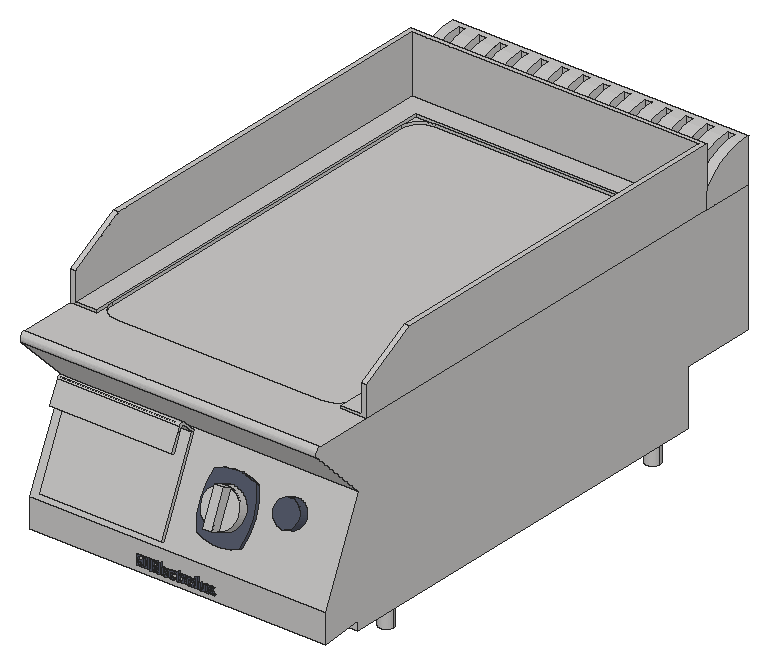
Revit family "QF_ELECTROLUXPROFESSIONAL_371408_E7IIDTAOMCI", category Attrezzature speciali, Revit 2018 (continued)
Automatic sketch dimensions
  Sweep 24 sketch curve to plane 4 "RIGHT" = 35.025 mm
  plane 3 "LEFT" to Sweep 24 sketch curve = 35.025 mm
  Sweep 24 sketch curve to plane 12 = 42.753 mm
  plane 11 to Sweep 24 sketch curve = 47 mm  (x2)
  Sweep 24 sketch curve to plane 10 "TOP A" = 0 mm
  profile plane to Sweep 24 sketch curve = 0 mm
  profile plane to Sweep 24 sketch curve = 28.675 mm
  Sweep 24 sketch curve to Sweep 24 sketch curve = 6.35 mm
  plane 10 "TOP A" to Sweep 24 sketch curve = 3.175 mm
  Extrusion 25 sketch curve to Sweep 24 = 0 mm  (x2)
  Extrusion 25 sketch curve to Extrusion 25 sketch curve = 73.03 mm
  Extrusion 25 sketch curve to Sweep 24 = 40.481 mm
  Sweep 24 to Extrusion 26 sketch curve = 0 mm
  Extrusion 26 sketch curve to Sweep 24 = 0 mm
  Extrusion 26 sketch curve to Extrusion 26 sketch curve = 73.03 mm
  Extrusion 26 sketch curve to Sweep 24 = 40.481 mm
  plane 11 to curve 8 = 21.6 mm
  curve 10 to curve 11 = 25.4 mm
  curve 17 to curve 77 = 0 mm
  curve 76 to curve 77 = 25.4 mm
  curve 15 to curve 15 = 25.4 mm
  plane 7 "Center Y" to Extrusion 27 sketch curve = 17.271 mm
  Extrusion 27 sketch curve to Extrusion 27 sketch curve = 0 mm
  Extrusion 27 sketch curve to Extrusion 27 sketch curve = 12.3 mm  (x3)
  Extrusion 27 sketch curve to Extrusion 27 sketch curve = 34.925 mm  (x2)
  Extrusion 27 sketch curve to plane 7 "Center Y" = 8.456 mm
  Extrusion 27 sketch curve to Extrusion 27 sketch curve = 46.691 mm
  plane 7 "Center Y" to Extrusion 27 sketch curve = 17.889 mm
  Extrusion 27 sketch curve to Extrusion 27 sketch curve = 25.114 mm
  Extrusion 29 sketch curve to Extrusion 29 sketch curve = 24.732 mm
  Extrusion 29 sketch curve to Extrusion 29 sketch curve = 0 mm
  Extrusion 30 sketch curve to Extrusion 1 = 86.903 mm
  Extrusion 1 to Extrusion 30 sketch curve = 72.975 mm
  curve 14 to plane 5 "FRONT" = 0 mm
  Extrusion 1 sketch curve to plane 10 "TOP A" = 0 mm
  Extrusion 1 sketch curve to plane 9 "BASE" = 0 mm
  Extrusion 1 sketch curve to plane 1 "BACK" = 0 mm
  Extrusion 1 sketch curve to plane 12 = 46.038 mm
  plane 11 to Extrusion 1 sketch curve = 59.531 mm
  plane 9 "BASE" to Extrusion 1 sketch curve = 12.7 mm
  plane 11 to Extrusion 1 sketch curve = 62.516 mm
  Extrusion 1 sketch curve to plane 5 "FRONT" = 16.478 mm
  Extrusion 1 sketch curve to plane 5 "FRONT" = 7.349 mm
  Extrusion 1 sketch curve to plane 5 "FRONT" = 2.163 mm
  plane 9 "BASE" to Extrusion 1 sketch curve = 7.09 mm
  Extrusion 1 sketch curve to Extrusion 1 sketch curve = 38.1 mm
  plane 9 "BASE" to Extrusion 1 sketch curve = 74.612 mm
  Extrusion 1 sketch curve to plane 10 "TOP A" = 83.191 mm
  Extrusion 1 sketch curve to plane 10 "TOP A" = 12.52 mm
  plane 5 "FRONT" to curve 78 = 0 mm
  plane 5 "FRONT" to curve 80 = 0 mm
  plane 3 "LEFT" to curve 78 = 12.7 mm
  curve 80 to plane 7 "Center Y" = 22.225 mm
  plane 5 "FRONT" to curve 78 = 52.387 mm
  radius of Extrusion 3 sketch curve = 9.525 mm  (x4)
  radius of Extrusion 5 sketch curve = 6.35 mm
  radius of Extrusion 28 sketch curve = 25.4 mm
  radius of Extrusion 29 sketch curve to Extrusion 28 = 0 mm  (x2)
  radius of Extrusion 30 sketch curve = 17.78 mm
Connectors
  piping at (347.663, -98.425, 57.718), diameter 12.7, driven by "Gas Size"
    settings: on Extrusion 5, index 1, connector inside diameter 1/2", connector length 0 mm, flow factor 0, pipe flow 0 GPM, pressure drop 0.00 psi, fitting loss kfactor 0, connector angle 0.00°, fixture units 0, engagement length 0 mm, angle of deflection 0.00°, flow configuration 1, flow direction 1, fitting loss method 0, system type 7, joint type 0, gender type 0, connector reference index -1, connector utility 0, adjustable connector no, is connector primary yes, connector description "Gas Connection"
Types (2, lengths in mm): name | URL | Modello | Produttore | Gas Size | Descrizione
  (no name) | "www.electrolux.com/foodservice" | "371037" | "ELECTROLUX" | 0" | "700XP Half Module Gas Fry Top, Smooth Plate, Chromium Plated"
  Standard | "https://www.electroluxprofessional.com/" | "E7IIDTAOMCI" | "Electrolux Professional" | 1/2" | "GAS FRY TOP-SMOOTH POLISHED CHROME PLATE 400MM - QMARK"
